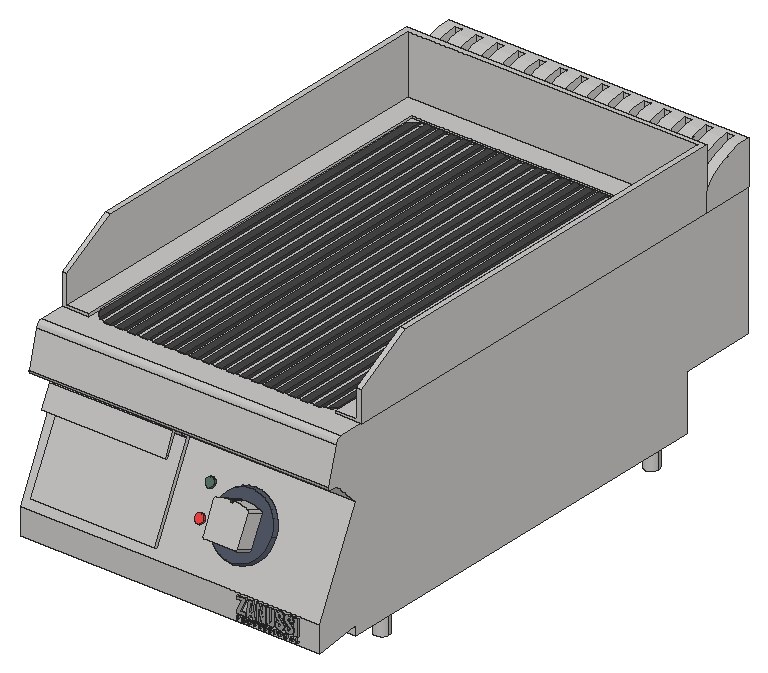
Revit family "QF_ZANUSSI_372332_Z7IILDAOMCA", category Specialty Equipment, Revit 2018 (continued)
Definition of nested family "ZAN_Logo_S_Grey_Professional"
  Forms (mm)
    Extrusion 2, solid, material <- "Materiale"
      sketch origin (17.793, -46.218, 0) x (-1, 0, 0) y (0, -1, 0)
        loop
          spline (-0.259, -39.8) -> (-0.29, -39.607) -> (-0.318, -39.405) -> (-0.339, -39.197) -> (-0.352, -38.984) -> (-0.352, -38.771) -> (-0.337, -38.557) -> (-0.304, -38.346) -> (-0.249, -38.14) -> (-0.17, -37.941) -> (-0.063, -37.751) -> (0.074, -37.573) -> (0.245, -37.408)
          line (0.245, -37.408) -> (1.882, -37.282)
          spline (1.882, -37.282) -> (2.188, -37.491) -> (2.42, -37.736) -> (2.586, -38.012) -> (2.698, -38.313) -> (2.765, -38.633) -> (2.795, -38.966) -> (2.799, -39.308) -> (2.787, -39.651) -> (2.767, -39.991) -> (2.751, -40.322) -> (2.746, -40.638) -> (2.763, -40.934)
          line (2.763, -40.934) -> (7.171, -40.934)
          spline (7.171, -40.934) -> (7.223, -40.399) -> (7.252, -39.866) -> (7.257, -39.336) -> (7.236, -38.812) -> (7.187, -38.295) -> (7.108, -37.786) -> (6.997, -37.288) -> (6.854, -36.802) -> (6.675, -36.33) -> (6.46, -35.874) -> (6.206, -35.435) -> (5.912, -35.015)
          spline (5.912, -35.015) -> (5.55, -34.687) -> (5.16, -34.396) -> (4.745, -34.14) -> (4.307, -33.92) -> (3.85, -33.734) -> (3.377, -33.583) -> (2.891, -33.466) -> (2.395, -33.383) -> (1.892, -33.333) -> (1.385, -33.316) -> (0.877, -33.331) -> (0.371, -33.378)
          spline (0.371, -33.378) -> (-0.163, -33.462) -> (-0.693, -33.587) -> (-1.213, -33.752) -> (-1.718, -33.957) -> (-2.205, -34.2) -> (-2.667, -34.48) -> (-3.1, -34.798) -> (-3.5, -35.151) -> (-3.861, -35.539) -> (-4.179, -35.961) -> (-4.449, -36.417) -> (-4.666, -36.904)
          spline (-4.666, -36.904) -> (-4.8, -37.505) -> (-4.888, -38.107) -> (-4.93, -38.709) -> (-4.927, -39.306) -> (-4.881, -39.897) -> (-4.792, -40.477) -> (-4.661, -41.045) -> (-4.489, -41.596) -> (-4.276, -42.128) -> (-4.025, -42.638) -> (-3.735, -43.122) -> (-3.407, -43.578)
          line (-3.407, -43.578) -> (1.63, -48.112) -> (2.26, -48.867)
          spline (2.26, -48.867) -> (2.325, -49.027) -> (2.392, -49.191) -> (2.459, -49.359) -> (2.521, -49.529) -> (2.576, -49.702) -> (2.622, -49.874) -> (2.654, -50.047) -> (2.67, -50.22) -> (2.667, -50.39) -> (2.642, -50.558) -> (2.591, -50.722) -> (2.512, -50.882)
          spline (2.512, -50.882) -> (2.439, -51.029) -> (2.347, -51.157) -> (2.24, -51.266) -> (2.12, -51.358) -> (1.989, -51.434) -> (1.851, -51.496) -> (1.707, -51.545) -> (1.56, -51.582) -> (1.414, -51.608) -> (1.27, -51.625) -> (1.131, -51.635) -> (1.001, -51.638)
          line (1.001, -51.638) -> (-0.259, -50.756) -> (-0.385, -48.112) -> (-4.54, -48.112)
          spline (-4.54, -48.112) -> (-4.545, -48.463) -> (-4.556, -48.822) -> (-4.572, -49.188) -> (-4.587, -49.557) -> (-4.598, -49.929) -> (-4.603, -50.3) -> (-4.597, -50.668) -> (-4.577, -51.031) -> (-4.54, -51.388) -> (-4.482, -51.735) -> (-4.399, -52.071) -> (-4.288, -52.393)
          spline (-4.288, -52.393) -> (-4.176, -52.644) -> (-4.031, -52.894) -> (-3.857, -53.139) -> (-3.659, -53.377) -> (-3.439, -53.607) -> (-3.202, -53.825) -> (-2.952, -54.031) -> (-2.693, -54.221) -> (-2.429, -54.394) -> (-2.163, -54.547) -> (-1.9, -54.678) -> (-1.644, -54.786)
        loop
          spline (-16.755, -52.519) -> (-16.407, -53.083) -> (-15.998, -53.58) -> (-15.535, -54.012) -> (-15.024, -54.38) -> (-14.474, -54.684) -> (-13.89, -54.927) -> (-13.28, -55.11) -> (-12.651, -55.233) -> (-12.009, -55.299) -> (-11.362, -55.308) -> (-10.717, -55.263) -> (-10.081, -55.163)
          spline (-10.081, -55.163) -> (-9.638, -55.08) -> (-9.196, -54.956) -> (-8.761, -54.793) -> (-8.336, -54.594) -> (-7.93, -54.36) -> (-7.547, -54.093) -> (-7.192, -53.794) -> (-6.872, -53.466) -> (-6.592, -53.109) -> (-6.358, -52.726) -> (-6.176, -52.319) -> (-6.051, -51.889)
          spline (-6.051, -51.889) -> (-5.857, -51.316) -> (-5.715, -50.731) -> (-5.626, -50.14) -> (-5.589, -49.548) -> (-5.605, -48.959) -> (-5.673, -48.379) -> (-5.794, -47.812) -> (-5.967, -47.263) -> (-6.193, -46.736) -> (-6.471, -46.237) -> (-6.802, -45.771) -> (-7.185, -45.341)
          line (-7.185, -45.341) -> (-11.844, -41.186) -> (-12.851, -39.675)
          spline (-12.851, -39.675) -> (-12.882, -39.483) -> (-12.91, -39.288) -> (-12.934, -39.09) -> (-12.949, -38.891) -> (-12.954, -38.692) -> (-12.946, -38.494) -> (-12.921, -38.299) -> (-12.879, -38.108) -> (-12.816, -37.922) -> (-12.729, -37.742) -> (-12.615, -37.57) -> (-12.473, -37.408)
          line (-12.473, -37.408) -> (-11.214, -37.156)
          spline (-11.214, -37.156) -> (-10.768, -37.262) -> (-10.429, -37.445) -> (-10.183, -37.695) -> (-10.015, -38) -> (-9.912, -38.349) -> (-9.86, -38.73) -> (-9.845, -39.132) -> (-9.852, -39.544) -> (-9.868, -39.954) -> (-9.879, -40.351) -> (-9.871, -40.723) -> (-9.829, -41.06)
          line (-9.829, -41.06) -> (-5.422, -40.934)
          spline (-5.422, -40.934) -> (-5.367, -40.392) -> (-5.333, -39.839) -> (-5.323, -39.279) -> (-5.342, -38.719) -> (-5.395, -38.162) -> (-5.485, -37.613) -> (-5.616, -37.077) -> (-5.795, -36.559) -> (-6.024, -36.064) -> (-6.308, -35.597) -> (-6.651, -35.162) -> (-7.059, -34.764)
          spline (-7.059, -34.764) -> (-7.58, -34.383) -> (-8.132, -34.06) -> (-8.711, -33.794) -> (-9.311, -33.584) -> (-9.927, -33.43) -> (-10.553, -33.331) -> (-11.184, -33.288) -> (-11.816, -33.299) -> (-12.442, -33.365) -> (-13.057, -33.484) -> (-13.657, -33.657) -> (-14.236, -33.882)
          spline (-14.236, -33.882) -> (-14.49, -33.99) -> (-14.747, -34.121) -> (-15.006, -34.276) -> (-15.262, -34.451) -> (-15.515, -34.646) -> (-15.763, -34.858) -> (-16.003, -35.086) -> (-16.232, -35.328) -> (-16.45, -35.582) -> (-16.653, -35.847) -> (-16.839, -36.12) -> (-17.007, -36.401)
          spline (-17.007, -36.401) -> (-17.229, -37.006) -> (-17.395, -37.624) -> (-17.502, -38.25) -> (-17.552, -38.882) -> (-17.544, -39.515) -> (-17.479, -40.147) -> (-17.355, -40.773) -> (-17.174, -41.391) -> (-16.936, -41.996) -> (-16.639, -42.586) -> (-16.285, -43.157) -> (-15.873, -43.704)
          line (-15.873, -43.704) -> (-10.584, -48.489) -> (-9.955, -50.126) -> (-10.459, -51.386) -> (-11.592, -51.638) -> (-12.851, -50.756) -> (-12.977, -48.238) -> (-17.258, -48.112)
          spline (-17.258, -48.112) -> (-17.236, -48.492) -> (-17.23, -48.875) -> (-17.233, -49.261) -> (-17.24, -49.646) -> (-17.245, -50.03) -> (-17.243, -50.41) -> (-17.227, -50.785) -> (-17.193, -51.152) -> (-17.134, -51.512) -> (-17.046, -51.86) -> (-16.921, -52.196) -> (-16.755, -52.519)
        loop
          line (-18.014, -33.378) -> (-22.421, -33.378) -> (-22.421, -54.911) -> (-18.014, -54.911) -> (-18.014, -33.378)
        loop
          line (14.852, -38.541) -> (14.852, -54.911) -> (19.259, -54.911) -> (19.259, -40.43) -> (19.008, -36.904) -> (18.63, -36.023) -> (17.748, -34.89) -> (16.867, -34.26) -> (15.104, -33.504) -> (14.223, -33.378) -> (12.208, -33.378) -> (11.2, -33.63) -> (9.689, -34.512) -> (7.926, -37.03) -> (7.8, -37.912) -> (7.8, -54.911) -> (12.208, -54.911) -> (12.208, -38.919) -> (12.711, -37.786) -> (14.097, -37.66) -> (14.852, -38.541)
        loop
          line (20.267, -54.911) -> (24.296, -54.911) -> (24.296, -41.186) -> (27.948, -54.911) -> (32.607, -54.911) -> (32.607, -33.378) -> (28.704, -33.378) -> (28.704, -47.608) -> (25.052, -33.378) -> (20.267, -33.378) -> (20.267, -54.911)
        loop
          line (47.089, -54.911) -> (58.044, -54.911) -> (58.044, -50.882) -> (52.251, -51.008) -> (58.548, -37.786) -> (58.548, -33.378) -> (47.089, -33.378) -> (47.089, -37.786) -> (53.698, -37.786) -> (47.089, -51.26) -> (47.089, -54.911)
        loop
          line (36.889, -54.911) -> (42.933, -54.911) -> (46.837, -33.378) -> (42.303, -33.378) -> (41.674, -37.534) -> (38.022, -37.534) -> (37.392, -33.378) -> (32.859, -33.378) -> (36.889, -54.911)
        loop
          line (41.17, -41.438) -> (38.652, -41.438) -> (39.911, -51.231) -> (41.17, -41.438)
        loop
          line (57.627, -27.599) -> (56.511, -27.599)
          arc (56.511, -27.599) -> (55.334, -29.219) -> (56.822, -30.559) r 1.496
          line (56.822, -30.559) -> (58.548, -30.559) -> (58.548, -26.082) -> (57.627, -26.082) -> (57.627, -27.599)
        loop
          line (57.627, -29.713) -> (57.627, -28.464) -> (56.699, -28.464)
          arc (56.699, -28.464) -> (56.24, -29.089) -> (56.699, -29.713) r 0.654
          line (56.699, -29.713) -> (57.627, -29.713)
        loop
          line (50.633, -27.625) -> (49.682, -27.625) -> (48.755, -26.082) -> (47.711, -26.082) -> (48.871, -27.993)
          arc (48.871, -27.993) -> (48.433, -29.601) -> (49.798, -30.559) r 1.45
          line (49.798, -30.559) -> (51.553, -30.559) -> (51.553, -26.082) -> (50.633, -26.082) -> (50.633, -27.625)
        loop
          line (50.633, -29.713) -> (50.633, -28.464) -> (49.705, -28.464)
          arc (49.705, -28.464) -> (49.245, -29.089) -> (49.705, -29.713) r 0.654
          line (49.705, -29.713) -> (50.633, -29.713)
        loop
          line (36.111, -26.082) -> (35.19, -26.082) -> (35.19, -27.797) -> (33.505, -27.797) -> (33.505, -28.718) -> (35.19, -28.718) -> (35.19, -29.639) -> (33.344, -29.639) -> (33.344, -30.559) -> (36.111, -30.559) -> (36.111, -26.082)
        loop
          line (29.546, -26.082) -> (26.666, -26.082) -> (26.666, -27.002) -> (28.626, -27.002) -> (28.626, -27.797) -> (26.835, -27.797) -> (26.835, -28.718) -> (28.626, -28.718) -> (28.626, -29.639) -> (26.71, -29.639) -> (26.71, -30.559) -> (29.546, -30.559) -> (29.546, -26.082)
        loop
          line (9.21, -26.082) -> (8.289, -26.082) -> (8.289, -30.559) -> (9.21, -30.559) -> (9.21, -26.082)
        loop
          line (-5.024, -26.082) -> (-5.024, -28.898) -> (-7.072, -26.082) -> (-7.993, -26.082) -> (-7.993, -30.559) -> (-7.037, -30.559) -> (-7.037, -27.659) -> (-4.989, -30.559) -> (-4.069, -30.559) -> (-4.069, -26.082) -> (-5.024, -26.082)
        loop
          line (-11.621, -26.082) -> (-12.61, -26.082) -> (-13.045, -27.048) -> (-14.702, -27.048) -> (-15.137, -26.082) -> (-16.125, -26.082) -> (-14.375, -30.558) -> (-13.454, -30.558) -> (-11.621, -26.082)
        loop
          line (-19.779, -26.082) -> (-22.421, -26.082) -> (-22.421, -27.002) -> (-20.7, -27.002) -> (-20.7, -30.559) -> (-19.779, -30.559) -> (-19.779, -26.082)
        loop
          line (-13.875, -29.102) -> (-13.395, -27.931) -> (-14.333, -27.931) -> (-13.875, -29.102)
        loop
          circle (2.094, -28.293) r 1.482
        loop
          circle (2.094, -28.293) r 2.376
        loop
          arc (16.413, -27.085) -> (15.386, -26.141) -> (13.991, -26.107) r 1.985
          arc (13.991, -26.107) -> (13.047, -26.998) -> (13.375, -28.254) r 1.274
          arc (13.375, -28.254) -> (14.04, -28.662) -> (14.749, -28.985) r 6.355
          arc (14.749, -28.985) -> (15.14, -29.579) -> (14.494, -29.876) r 0.469
          arc (14.494, -29.876) -> (14.107, -29.64) -> (13.784, -29.321) r 1.958
          line (13.784, -29.321) -> (12.995, -29.795)
          arc (12.995, -29.795) -> (13.493, -30.326) -> (14.109, -30.712) r 2.834
          arc (14.109, -30.712) -> (16.031, -29.813) -> (14.826, -28.067) r 1.389
          spline (14.826, -28.067) -> (14.485, -27.906) -> (14.237, -27.756) -> (14.069, -27.617) -> (13.971, -27.49) -> (13.931, -27.375) -> (13.937, -27.273) -> (13.977, -27.185) -> (14.041, -27.112) -> (14.116, -27.053) -> (14.191, -27.011) -> (14.254, -26.985) -> (14.293, -26.976)
          arc (14.293, -26.976) -> (15.035, -26.992) -> (15.586, -27.489) r 1.064
          line (15.586, -27.489) -> (16.413, -27.085)
        loop
          arc (23.156, -27.085) -> (22.129, -26.141) -> (20.734, -26.107) r 1.985
          arc (20.734, -26.107) -> (19.79, -26.998) -> (20.118, -28.254) r 1.274
          arc (20.118, -28.254) -> (20.783, -28.662) -> (21.492, -28.985) r 6.355
          arc (21.492, -28.985) -> (21.883, -29.579) -> (21.237, -29.876) r 0.469
          arc (21.237, -29.876) -> (20.849, -29.64) -> (20.527, -29.321) r 1.958
          line (20.527, -29.321) -> (19.738, -29.795)
          arc (19.738, -29.795) -> (20.236, -30.326) -> (20.852, -30.712) r 2.834
          arc (20.852, -30.712) -> (22.774, -29.813) -> (21.568, -28.067) r 1.389
          spline (21.568, -28.067) -> (21.228, -27.906) -> (20.979, -27.756) -> (20.812, -27.617) -> (20.714, -27.49) -> (20.674, -27.375) -> (20.68, -27.273) -> (20.72, -27.185) -> (20.784, -27.112) -> (20.859, -27.053) -> (20.933, -27.011) -> (20.996, -26.985) -> (21.036, -26.976)
          arc (21.036, -26.976) -> (21.778, -26.992) -> (22.329, -27.489) r 1.064
          line (22.329, -27.489) -> (23.156, -27.085)
        loop
          circle (42.369, -28.293) r 1.482
        loop
          circle (42.369, -28.293) r 2.376
      from 0 to 1.644
  Dimensions and locks
    aligned and locked: plane 2 to Extrusion 1
    aligned and locked: level to Extrusion 1
